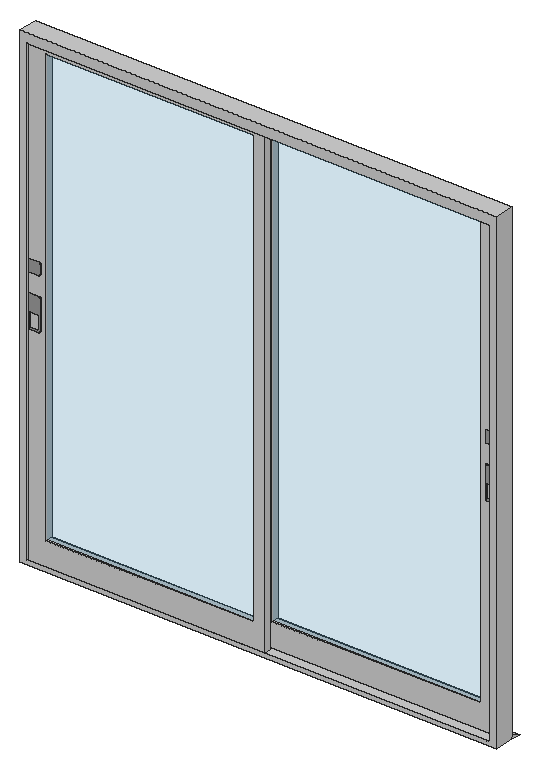
Revit family "Door-Slider-Fleetwood-3070-XX", category Doors, host Wall, Revit 2013
Parameters (values of type "Archetype Hardware")
  Wall_Thickness [instance] = 1' - 0"
  URL = "www.fleetwoodusa.com"
  Thickness = 0' 1 29/32" * Number_Of_Tracks  # 0' - 3 13/16"
  Rough Width = Width + 0' 0 1/2"  # 8' - 0 1/2"
  Rough Height = Height + 0' 0 1/4"  # 8' - 0 1/4"
  Panel_Height [instance] = Height - 0' 1 17/32"  # 7' - 10 15/32"
  Panel_2_Configuration = 3070_EX_Panel : Active Lead Panel Left Archetype
  Panel_2 = Width - Centerline_Calc + 0' 0 17/256"  # 4' - 0 17/256"
  Panel_1_Configuration = 3070_EX_Panel : Active Lead Panel Left Archetype
  Panel_1 = Centerline_Calc + 0' 0 17/256"  # 4' - 0 17/256"
  Number_Of_Tracks = 2  # constant formula
  Model = "3070"
  Manufacturer = "Fleetwood Windows and Doors"
  Interior Wrap Overhang = 0' - 0 1/2"
  Hardware = Stainless Steel, Brushed
  Glazing = Glass
  Frame_&_Panel = Aluminum, Anodized Clear
  Equal_Centerlines = if(Centerline_1 < 0' 6", 1 < 2, 1 > 2)  # yes
  Centerline_Calc = if(Centerline_1 < 0' 6", Width / 2, Centerline_1)  # 4' - 0"
  Centerline_1 = 0' - 0"
  Exterior Wrap Overhang = 0' - 0 1/2"
  Frame_Set_Back [instance] = (Wall_Thickness - Thickness) / 2  # 0' - 4 3/32"
  Function = Exterior
  Height = 8' - 0"
  Wall Closure = By host
  Width = 8' - 0"
  Configuration = "XX"
  Analytic Construction = "<None>"
  Actuator_Height = 4' - 5 3/4"
Types (2): name | Panel_2_Configuration | Panel_1_Configuration | Actuator_Height
  Archetype Narrow Hardware | 3070_EX_Panel : Active Lead Panel Right Archetype Narrow | 3070_EX_Panel : Active Lead Panel Right Archetype Narrow | 3' - 10"
  Archetype Hardware | 3070_EX_Panel : Active Lead Panel Left Archetype | 3070_EX_Panel : Active Lead Panel Left Archetype | 4' - 5 3/4"
Reference planes (in)
  plane 1 "Center (Front/Back)": y = 0
  plane 2 "Center (Left/Right)": x = 0
  plane 3 "Left": x = -48.25
  plane 4 "Right": x = 48.25
  plane 5 "Top": z = 96.25
  plane 6 "Exterior": y = 6
  plane 7 "Interior": y = -6
  plane 8 "Exterior Wrap Depth": y = 1.90625
  plane 9 "Interior Wrap Depth": y = -1.90625
  plane 10 "Right Frame": x = 48
  plane 11 "Left Frame": x = -48
  plane 12 "Exerier Wrap Left": x = -47.75
  plane 13 "Exterior Wrap Right": x = 47.5
  plane 14 "Exterior Wrap Top": z = 95.75
  plane 15 "Interior Wrap Left": x = -47.75
  plane 16 "Interior Wrap Right": x = 47.75
  plane 17 "Interior Wrap Top": z = 95.75
  plane 18 "Frame Top": z = 96
  plane 19 "Vent Height": z = 93.96094
  plane 20: x = -47.0275
  plane 21: x = 47.0275
  plane 22: z = 0.302
  plane 23: y = -0.95225
  plane 24: y = 0.954
  plane 25: y = 9
Forms (in)
  Extrusion 1, void
    sketch origin (0, 0, 0) x (1, 0, 0) y (0, 1, 0)
      loop
        line (-47.75, 6) -> (-47.75, 1.90625) -> (47.5, 1.90625) -> (47.5, 6) -> (-47.75, 6)
    from 0 to 95.75
  Extrusion 2, void
    sketch origin (0, 0, 0) x (1, 0, 0) y (0, 1, 0)
      loop
        line (-48.25, 1.90625) -> (-48.25, -1.90625) -> (48.25, -1.90625) -> (48.25, 1.90625) -> (-48.25, 1.90625)
    from 0 to 96.25
  Extrusion 3, void
    sketch origin (0, 0, 0) x (1, 0, 0) y (0, 1, 0)
      loop
        line (-47.75, -1.90625) -> (-47.75, -6) -> (47.75, -6) -> (47.75, -1.90625) -> (-47.75, -1.90625)
    from 0 to 95.75
Lines and regions (in)
  symbolic lines
    curve 1: line (-47.0275, 9, 0) -> (-35.0275, 9, 0)
    curve 2: line (-39.0275, 7, 0) -> (-35.0275, 9, 0)
    curve 3: line (-39.0275, 11, 0) -> (-35.0275, 9, 0)
    curve 7: line (47.0275, 9, 0) -> (35.0275, 9, 0)
    curve 8: line (39.0275, 7, 0) -> (35.0275, 9, 0)
    curve 9: line (39.0275, 11, 0) -> (35.0275, 9, 0)
  symbolic lines, not visible
    curve 4: line (-41.80247, 12.37674, 0) -> (-29.80247, 12.37674, 0)
    curve 5: line (-33.80247, 10.37674, 0) -> (-29.80247, 12.37674, 0)
    curve 6: line (-33.80247, 14.37674, 0) -> (-29.80247, 12.37674, 0)
Text (in)
  text "Exterior" at (-74.96733, 27.31104, 0), in view "Ref. Level"
  text "Interior" at (-74.96733, -25.14366, 0), in view "Ref. Level"
  text "Exterior" at (0, 40.15149, 123.01588), in view "Right"
  text "Interior" at (0, -64.39139, 123.01588), in view "Right"
  text "Interior" at (0, -31.01599, 123.00693), in view "Left"
  text "Exterior" at (0, 54.57065, 123.00693), in view "Left"
Dimensions and locks (in)
  equal spacing: plane 3 "Left", plane 2 "Center (Left/Right)", plane 4 "Right"
  plane 3 "Left" to plane 4 "Right" = 8' - 0 1/2"
  "Frame_Set_Back": plane 8 "Exterior Wrap Depth" to plane 6 "Exterior"
  "Exterior Wrap Overhang": plane 13 "Exterior Wrap Right" to plane 10 "Right Frame"
  "Exterior Wrap Overhang": plane 3 "Left" to plane 12 "Exerier Wrap Left"
  "Thickness": plane 8 "Exterior Wrap Depth" to plane 9 "Interior Wrap Depth"
  "Exterior Wrap Overhang": plane 14 "Exterior Wrap Top" to plane 5 "Top"
  "Interior Wrap Overhang": plane 3 "Left" to plane 15 "Interior Wrap Left"
  "Interior Wrap Overhang": plane 16 "Interior Wrap Right" to plane 4 "Right"
  "Interior Wrap Overhang": plane 17 "Interior Wrap Top" to plane 5 "Top"
  "Rough Height": level to plane 5 "Top"
  "Rough Width": plane 3 "Left" to plane 4 "Right"
  "Width": plane 11 "Left Frame" to plane 10 "Right Frame"
  "Height": level to plane 18 "Frame Top"
  equal spacing: plane 11 "Left Frame", plane 2 "Center (Left/Right)", plane 10 "Right Frame"
  locked: plane 19 "Vent Height" to plane 18 "Frame Top" at 2.03906
  plane 6 "Exterior" to curve 1 = 0' - 3"
  "Wall_Thickness": host wall to host wall
  plane 11 "Left Frame" to plane 20 = 0' - 0.9725"
  locked: plane 21 to plane 10 "Right Frame" at 0.9725
  locked: level to plane 22 at 0.302
  locked: plane 23 to plane 9 "Interior Wrap Depth" at 0.954
  locked: plane 24 to plane 9 "Interior Wrap Depth" at 2.86025
  aligned and locked: plane 6 "Exterior" to host wall
  aligned and locked: plane 7 "Interior" to host wall
  aligned and locked: Extrusion 1 sketch curve to plane 8 "Exterior Wrap Depth"
  aligned and locked: plane 6 "Exterior" to Extrusion 1 sketch curve
  aligned and locked: plane 12 "Exerier Wrap Left" to Extrusion 1 sketch curve
  aligned and locked: plane 13 "Exterior Wrap Right" to Extrusion 1 sketch curve
  aligned and locked: Extrusion 1 to plane 14 "Exterior Wrap Top"
  aligned and locked: plane 4 "Right" to Extrusion 2 sketch curve
  aligned and locked: plane 8 "Exterior Wrap Depth" to Extrusion 2 sketch curve
  aligned and locked: plane 9 "Interior Wrap Depth" to Extrusion 2 sketch curve
  aligned and locked: Extrusion 2 sketch curve to plane 3 "Left"
  aligned and locked: Extrusion 2 to plane 5 "Top"
  aligned and locked: Extrusion 3 sketch curve to plane 15 "Interior Wrap Left"
  aligned and locked: plane 16 "Interior Wrap Right" to Extrusion 3 sketch curve
  aligned and locked: Extrusion 3 sketch curve to plane 9 "Interior Wrap Depth"
  aligned and locked: Extrusion 3 sketch curve to plane 7 "Interior"
  aligned and locked: Extrusion 3 to plane 17 "Interior Wrap Top"
  aligned and locked: plane 2 "Center (Left/Right)" to nested 1
  aligned and locked: nested 1 to plane 9 "Interior Wrap Depth"
  aligned and locked: plane 20 to nested 2
  aligned and locked: plane 23 to nested 2
  aligned and locked: plane 22 to nested 3
  aligned and locked: nested 3 to plane 24
  aligned and locked: plane 21 to nested 3
  aligned and locked: plane 25 to curve 1
  aligned and locked: plane 20 to curve 1
  aligned and locked: curve 7 to plane 25
  aligned and locked: plane 21 to curve 7
Nested families (in)
  nested 1: "3070-EX_Frame" at (0, 0, 0), Number_Of_Tracks <- "Number_Of_Tracks", Net Frame Width <- "Width", Net Frame Height <- "Height", Frame Finish <- "Frame_&_Panel", type "3070-EX_Frame"
    with Track Width 0' - 3 13/16", Sill_Riser yes, Number_Of_Tracks 2, Net Frame Width 8' - 0", Net Frame Height 8' - 0", Frame Finish Aluminum, Anodized Clear
  nested 2: "3070_EX_Panel" at (-23.0275, -0.95225, 0.302) x (-1, 0, 0) z (0, 0, 1), type <- "Panel_2_Configuration", Panel_Width <- "Panel_2", Panel_Height <- "Panel_Height", Glazing_Material <- "Glazing", Hardware_Finish <- "Hardware", Panel_Finish <- "Frame_&_Panel", Actuator_Height <- "Actuator_Height", type "Active Lead Panel Left Archetype"
    with Panel_Width 4' - 0 17/256", Panel_Height 7' - 10 15/32", Panel_Finish Aluminum, Anodized Clear, Hardware_Finish Stainless Steel, Brushed, Glazing_Material Glass, Glass_Width 3' - 6.02339", Actuator_Height 4' - 5 3/4"
  nested 3: "3070_EX_Panel" at (23.0275, 0.954, 0.302), type <- "Panel_1_Configuration", Panel_Width <- "Panel_1", Panel_Finish <- "Frame_&_Panel", Hardware_Finish <- "Hardware", Glazing_Material <- "Glazing", Panel_Height <- "Panel_Height", Actuator_Height <- "Actuator_Height", type "Active Lead Panel Left Archetype"
    with Panel_Width 4' - 0 17/256", Panel_Height 7' - 10 15/32", Panel_Finish Aluminum, Anodized Clear, Hardware_Finish Stainless Steel, Brushed, Glazing_Material Glass, Glass_Width 3' - 6.02339", Actuator_Height 4' - 5 3/4"
Definition of nested family "3070-EX_Frame"
  Parameters (values of type "3070-EX_Frame")
    Track Width [instance] = 0' 1 29/32" * Number_Of_Tracks  # 0' - 3 13/16"
    Sill_Riser [instance] = yes
    Number_Of_Tracks [instance] = 2
    Net Frame Width [instance] = 8' - 0"
    Net Frame Height [instance] = 8' - 0"
    Manufacturer = "Fleetwoo Windows And Doors"
    Frame Finish [instance] = Aluminum, Anodized Silver
    Default Elevation = 4' - 0"
  Reference planes (in)
    plane 1 "Center (Front/Back)": y = 0
    plane 2: z = 0
    plane 3 "Center (Left/Right)": x = 0
    plane 4: x = -48
    plane 5: x = 48
    plane 6: y = 1.90625
    plane 7: y = -1.90625
    plane 8: x = 46.65625
    plane 9: x = -46.65625
    plane 10: z = 0.71094
    plane 11: z = 96
    plane 12: z = 94.07422
    plane 13: y = 3.8125
  Forms (in)
    Extrusion 1, solid
      sketch origin (0, 0, 0) x (1, 0, 0) y (0, 1, 0)
        loop
          line (-48, 48) -> (-48, -48) -> (48, -48) -> (48, 48) -> (-48, 48)
      from 0 to -12
    Extrusion 2, solid, material "Aluminum, Anodized Silver" <- "Frame Finish"
      sketch origin (0, 0, 0) x (1, 0, 0) y (0, 0, 1)
        loop
          line (-48, 96) -> (-48, 0) -> (48, 0) -> (48, 96) -> (-48, 96)
        loop
          line (46.65625, 94.07422) -> (-46.65625, 94.07422) -> (-46.65625, 0.71094) -> (46.65625, 0.71094) -> (46.65625, 94.07422)
      from -1.90625 to 1.90625
    Extrusion 3, solid, material "Aluminum, Anodized Silver" <- "Frame Finish", visible <- "Sill_Riser"
      sketch origin (0, 0, 0) x (0, -1, 0) y (0, 0, -1)
        loop
          line (-1.90625, -0.71094) -> (-1.90625, 0) -> (-3.81425, 0) -> (-1.90625, -0.71094)
      from -48 to 48
  Lines and regions (in)
    Masking region 1
      outline origin (0, 0, 0) x (1, 0, 0) y (0, 1, 0)
        loop
          line (48, 1.90625) -> (-48, 1.90625) -> (-48, -1.90625) -> (48, -1.90625) -> (48, 1.90625)
    Masking region 2, visible <- "Sill_Riser"
      outline origin (0, 0, 0) x (1, 0, 0) y (0, 1, 0)
        loop
          line (48, 1.90625) -> (48, 3.8125) -> (-48, 3.8125) -> (-48, 1.90625) -> (48, 1.90625)
    symbolic lines
      curve 1: line (-46.65625, 1.90625, 0) -> (-46.65625, -1.90625, 0)
      curve 2: line (46.65625, 1.90625, 0) -> (46.65625, -1.90625, 0)
  Dimensions and locks (in)
    equal spacing: plane 4, plane 3 "Center (Left/Right)", plane 5
    "Net Frame Width": plane 4 to plane 5
    "Track Width": plane 7 to plane 6
    equal spacing: plane 7, plane 1 "Center (Front/Back)", plane 6
    locked: plane 8 to plane 5 at 1.34375
    locked: plane 4 to plane 9 at 1.34375
    locked: plane 10 to level at 0.71094
    "Net Frame Height": plane 11 to level
    locked: plane 11 to plane 12 at 1.92578
    locked: plane 6 to plane 13 at 1.90625
    aligned and locked: plane 2 to Extrusion 1
    aligned and locked: level to Extrusion 1
    aligned and locked: Extrusion 2 sketch curve to plane 11
    aligned and locked: plane 4 to Extrusion 2 sketch curve
    aligned and locked: Extrusion 2 sketch curve to plane 5
    aligned and locked: plane 2 to Extrusion 2 sketch curve
    aligned and locked: Extrusion 2 sketch curve to plane 9
    aligned and locked: Extrusion 2 sketch curve to plane 10
    aligned and locked: plane 8 to Extrusion 2 sketch curve
    aligned and locked: plane 12 to Extrusion 2 sketch curve
    aligned and locked: Extrusion 2 to plane 6
    aligned and locked: plane 7 to Extrusion 2
    aligned and locked: plane 10 to Extrusion 3
    aligned and locked: plane 6 to Extrusion 3
    aligned and locked: Extrusion 3 to Extrusion 1
    aligned and locked: Extrusion 1 to Extrusion 3
    aligned and locked: plane 5 to Extrusion 3
    aligned and locked: Extrusion 3 to plane 4
    aligned and locked: Masking region 1 sketch curve to plane 4
    aligned and locked: plane 7 to Masking region 1 sketch curve
    aligned and locked: Masking region 1 sketch curve to plane 6
    aligned and locked: plane 5 to Masking region 1 sketch curve
    aligned and locked: plane 4 to Masking region 2 sketch curve
    aligned and locked: plane 13 to Masking region 2 sketch curve
    aligned and locked: Masking region 2 sketch curve to plane 6
    aligned and locked: Masking region 2 sketch curve to plane 5
    aligned and locked: plane 6 to curve 1
    aligned and locked: plane 7 to curve 1
    aligned and locked: curve 1 to plane 9
    aligned and locked: plane 6 to curve 2
    aligned and locked: plane 7 to curve 2
    aligned and locked: curve 2 to plane 8
  Automatic sketch dimensions
    Extrusion 1 sketch curve to Extrusion 1 sketch curve = 8' - 0"  (x2)
    Extrusion 3 sketch curve to level = 0' - 0"
    Extrusion 3 sketch curve to plane 6 = 0' - 0"
    Extrusion 3 sketch curve to plane 10 = 0' - 0"
    Extrusion 3 sketch curve to plane 13 = 0' - 0.00175"
Definition of nested family "3070_EX_Panel"
  Parameters (values of type "Fixed Panel Archetype Narrow Stile")
    Top_Rail = if(Bottom_Rail_As_Top, 0' 5 19/128", 0' 1 59/128")  # 0' - 1 59/128"
    Stile_Condition = 2
    Sightline_Extender_Condition = 0
    Right_Stile = if(or(Archetype_Stile, Archetype_Inactive_Panel), 0' 3.9688", if(or(Archetype_Narrow_Inactive_Panel, Archetype_Narrow_Stile), 0' 2.9102", if(Narrow_Fixed_Stile, 0' 1.0195", 0' 2 19/256")))  # 0' - 2.9102"
    Panel_Width [instance] = 4' - 0"
    Panel_Height [instance] = 7' - 0"
    Panel_Finish [instance] = none
    Narrow_Fixed_Stile = Stile_Condition = 3  # no
    Model = ""
    Manufacturer = "Fleetwood Windows And Doors"
    Left_Stile = if([1_Sightline_Extender], 0' 3 19/256", if([2.5_Sightline_Extender], 0' 4 147/256", if([3.5_Sightline_Extender], 0' 5 147/256", 0' 2 19/256")))  # 0' - 2 19/256"
    Hardware_Finish [instance] = none
    Glass_Width [instance] = Panel_Width - (Right_Stile + Left_Stile)  # 3' - 7.01558"
    Double_Arrow = no
    Arrow = no
    Archetype_Narrow_Inactive_Panel = Stile_Condition = 9  # no
    Archetype_Narrow_Hardware_L = Stile_Condition = 7  # no
    Archetype_Narrow_Hardware = no
    Archetype_Inactive_Panel = Stile_Condition = 8  # no
    Archetype_Flush_Pulls = no
    Glazing_Material [instance] = none
    Glass_Thickness = 0' - 1"
    Description = ""
    Bottom_Rail_As_Top = no
    Bottom_Rail = 0' - 5 19/128"  # constant formula
    Archetype_Narrow_Stile = or(Stile_Condition = 2, Stile_Condition = 6, Stile_Condition = 7, Stile_Condition = 9)  # yes
    Archetype_Stile = or(Stile_Condition = 1, Stile_Condition = 4, Stile_Condition = 5, Stile_Condition = 8)  # no
    Archetype_Narrow_Hardware_R = Stile_Condition = 6  # no
    Archetype_Hardware_Right = Stile_Condition = 5  # no
    Archetype_Hardware_Left = Stile_Condition = 4  # no
    Archetype_Actuator = or(Archetype_Hardware_Right, Archetype_Hardware_Left)  # no
    Actuator_Height [instance] = 4' - 5 3/4"
    3.5_Sightline_Extender = Sightline_Extender_Condition = 3  # no
    2.5_Sightline_Extender = Sightline_Extender_Condition = 2  # no
    1_Sightline_Extender = Sightline_Extender_Condition = 1  # no
  Types (13): name | Stile_Condition | Sightline_Extender_Condition | Right_Stile | Narrow_Fixed_Stile | Left_Stile | Glass_Width | Double_Arrow | Arrow | Archetype_Narrow_Inactive_Panel | Archetype_Narrow_Hardware_L | Archetype_Narrow_Hardware | Archetype_Inactive_Panel | Archetype_Flush_Pulls | Description | Archetype_Narrow_Stile | Archetype_Stile | Archetype_Narrow_Hardware_R | Archetype_Hardware_Right | Archetype_Hardware_Left | Archetype_Actuator | Actuator_Height | 3.5_Sightline_Extender | 2.5_Sightline_Extender | 1_Sightline_Extender
    Sliding Panel  Interlock and Interlock | 0 | 0 | 0' - 2 19/256" | no | 0' - 2 19/256" | 3' - 7 109/128" | yes | yes | no | no | no | no | no | "" | no | no | no | no | no | no | 4' - 5 3/4" | no | no | no
    Pocket Panel 1" Sightline Extender | 0 | 1 | 0' - 2 19/256" | no | 0' - 3 19/256" | 3' - 6 109/128" | no | yes | no | no | no | no | no | "" | no | no | no | no | no | no | 4' - 5 3/4" | no | no | yes
    Pocket Panel 2.5" Sightline Extender | 0 | 2 | 0' - 2 19/256" | no | 0' - 4 147/256" | 3' - 5 45/128" | no | yes | no | no | no | no | no | "" | no | no | no | no | no | no | 4' - 5 3/4" | no | yes | no
    Pocket Panel 3.5" Sightline Extender | 0 | 3 | 0' - 2 19/256" | no | 0' - 5 147/256" | 3' - 4 45/128" | no | yes | no | no | no | no | no | "" | no | no | no | no | no | no | 4' - 5 3/4" | yes | no | no
    Active Lead Panel Right Archetype | 5 | 0 | 0' - 3.9688" | no | 0' - 2 19/256" | 3' - 5.95698" | no | yes | no | no | no | no | yes | "Fleetwood Sliding Door Panel" | no | yes | no | yes | no | yes | 4' - 5 15/16" | no | no | no
    Active Lead Panel Right Archetype Narrow | 6 | 0 | 0' - 2.9102" | no | 0' - 2 19/256" | 3' - 7.01558" | no | yes | no | no | yes | no | no | "" | yes | no | yes | no | no | no | 4' - 5 3/4" | no | no | no
    Fixed Panel Narrow Fixed Stile | 3 | 0 | 0' - 1.0195" | yes | 0' - 2 19/256" | 3' - 8.90628" | no | no | no | no | no | no | no | "" | no | no | no | no | no | no | 4' - 5 3/4" | no | no | no
    Fixed Panel Archetype Narrow Stile | 2 | 0 | 0' - 2.9102" | no | 0' - 2 19/256" | 3' - 7.01558" | no | no | no | no | no | no | no | "" | yes | no | no | no | no | no | 4' - 5 3/4" | no | no | no
    Fixed Panel Archetype Stile | 1 | 0 | 0' - 3.9688" | no | 0' - 2 19/256" | 3' - 5.95698" | no | no | no | no | no | no | no | "" | no | yes | no | no | no | no | 4' - 5 3/4" | no | no | no
    Active Lead Panel Left Archetype | 4 | 0 | 0' - 3.9688" | no | 0' - 2 19/256" | 3' - 5.95698" | no | yes | no | no | no | no | yes | "" | no | yes | no | no | yes | yes | 4' - 5 15/16" | no | no | no
    Active Lead Panel Left Archetype Narrow | 7 | 0 | 0' - 2.9102" | no | 0' - 2 19/256" | 3' - 7.01558" | no | yes | no | yes | yes | no | no | "" | yes | no | no | no | no | no | 4' - 5 3/4" | no | no | no
    Archetype_Inactive_Panel | 8 | 0 | 0' - 3.9688" | no | 0' - 2 19/256" | 3' - 5.95698" | no | yes | no | no | no | yes | no | "" | no | yes | no | no | no | no | 4' - 5 3/4" | no | no | no
    Archetype_Narrow_Inactive_Panel | 9 | 0 | 0' - 2.9102" | no | 0' - 2 19/256" | 3' - 7.01558" | no | yes | yes | no | yes | no | no | "" | yes | no | no | no | no | no | 4' - 5 3/4" | no | no | no
  Reference planes (in)
    plane 1 "Center (Front/Back)": y = 0
    plane 2: z = 0
    plane 3 "Center (Left/Right)": x = 0
    plane 4: y = -0.71484
    plane 5: y = 0.71484
    plane 6: x = -24
    plane 7: x = 24
    plane 8: z = 84
    plane 9: z = 5.14844
    plane 10: z = 82.53906
    plane 11: x = 21.0898
    plane 12: x = -21.92578
    plane 13: y = 0.5
    plane 14: y = -0.5
    plane 15: z = 53.75
    plane 16: x = 22.22656
    plane 17: y = 0
    plane 18: x = 22.74609
    plane 19: x = -22.96289
    plane 20: z = 42
    plane 21: x = -6
    plane 22: x = 6
    plane 23: x = -2
    plane 24: x = 2
  Forms (in)
    Extrusion 1, solid, material <- "Panel_Finish"
      sketch origin (0, 0, 0) x (1, 0, 0) y (0, 0, 1)
        loop
          line (24, 84) -> (-24, 84) -> (-24, 0) -> (24, 0) -> (24, 84)
        loop
          line (-21.92578, 5.14844) -> (21.0898, 5.14844) -> (21.0898, 82.53906) -> (-21.92578, 82.53906) -> (-21.92578, 5.14844)
      from -0.71484 to 0.71484
    Extrusion 2, solid, material <- "Glazing_Material"
      sketch origin (0, 0, 0) x (1, 0, 0) y (0, 0, 1)
        loop
          line (-21.92578, 82.53906) -> (-21.92578, 5.14844) -> (21.0898, 5.14844) -> (21.0898, 82.53906) -> (-21.92578, 82.53906)
      from -0.5 to 0.5
  Lines and regions (in)
    Masking region 1
      outline origin (0, 0, 0) x (1, 0, 0) y (0, 1, 0)
        loop
          line (-24, 0.71484) -> (-24, -0.71484) -> (24, -0.71484) -> (24, 0.71484) -> (-24, 0.71484)
    symbolic lines, visible <- "Arrow"
      curve 1: line (6, -0.71484, 42) -> (-6, -0.71484, 42)
      curve 2: line (-2, -0.71484, 40) -> (-6, -0.71484, 42)
      curve 3: line (-2, -0.71484, 44) -> (-6, -0.71484, 42)
    symbolic lines, visible <- "Double_Arrow"
      curve 4: line (2, -0.71484, 40) -> (6, -0.71484, 42)
      curve 5: line (2, -0.71484, 44) -> (6, -0.71484, 42)
  Dimensions and locks (in)
    equal spacing: plane 4, plane 1 "Center (Front/Back)", plane 5
    locked: plane 4 to plane 5 at 1.42969
    equal spacing: plane 6, plane 3 "Center (Left/Right)", plane 7
    "Panel_Width": plane 6 to plane 7
    "Panel_Height": plane 8 to plane 2
    "Bottom_Rail": plane 9 to level
    "Right_Stile": plane 7 to plane 11
    "Left_Stile": plane 12 to plane 6
    "Top_Rail": plane 8 to plane 10
    equal spacing: plane 14, plane 1 "Center (Front/Back)", plane 13
    "Glass_Thickness": plane 14 to plane 13
    "Actuator_Height": plane 15 to level
    locked: plane 7 to plane 16 at 1.77344
    locked: plane 18 to plane 7 at 1.25391
    locked: plane 6 to plane 19 at 1.03711
    equal spacing: plane 8, plane 20, level
    plane 22 to plane 3 "Center (Left/Right)" to plane 21 = 0' - 6" locked, 0' - 6" locked
    locked: plane 23 to plane 21 at 4
    locked: plane 22 to plane 24 at 4
    curve 3 to plane 20 to curve 2 = 0' - 2" locked, 0' - 2" locked
    locked: plane 15 to nested 1 at 5
    aligned and locked: plane 2 to level
    aligned and locked: plane 8 to Extrusion 1 sketch curve
    aligned and locked: plane 7 to Extrusion 1 sketch curve
    aligned and locked: Extrusion 1 sketch curve to plane 2
    aligned and locked: Extrusion 1 sketch curve to plane 6
    aligned and locked: Extrusion 1 sketch curve to plane 12
    aligned and locked: plane 10 to Extrusion 1 sketch curve
    aligned and locked: plane 11 to Extrusion 1 sketch curve
    aligned and locked: Extrusion 1 sketch curve to plane 9
    aligned and locked: Extrusion 1 to plane 5
    aligned and locked: plane 4 to Extrusion 1
    aligned and locked: Extrusion 2 sketch curve to plane 10
    aligned and locked: plane 12 to Extrusion 2 sketch curve
    aligned and locked: plane 9 to Extrusion 2 sketch curve
    aligned and locked: Extrusion 2 sketch curve to plane 11
    aligned and locked: Extrusion 2 to plane 13
    aligned and locked: plane 14 to Extrusion 2
    aligned and locked: plane 1 "Center (Front/Back)" to nested 1
    aligned and locked: plane 16 to nested 1
    aligned and locked: plane 15 to nested 2
    aligned and locked: plane 18 to nested 2
    aligned and locked: plane 1 "Center (Front/Back)" to nested 2
    aligned and locked: plane 5 to Masking region 1 sketch curve
    aligned and locked: plane 6 to Masking region 1 sketch curve
    aligned and locked: Masking region 1 sketch curve to plane 4
    aligned and locked: Masking region 1 sketch curve to plane 7
    aligned and locked: plane 21 to curve 2
    aligned and locked: curve 1 to curve 2
    aligned and locked: plane 20 to curve 1
    aligned and locked: plane 24 to curve 5
    aligned and locked: plane 24 to curve 4
    aligned and locked: plane 22 to curve 5
    aligned and locked: nested 3 to plane 15
    aligned and locked: plane 16 to nested 3
    aligned and locked: nested 3 to plane 1 "Center (Front/Back)"
    aligned and locked: nested 4 to plane 1 "Center (Front/Back)"
    aligned and locked: nested 4 to plane 16
  Automatic sketch dimensions
    curve 2 to plane 23 = 0' - 0"
    curve 3 to plane 23 = 0' - 0"
    curve 4 to plane 20 = 0' - 2"
    plane 20 to curve 5 = 0' - 2"
  Nested families (in)
    nested 1: "Archetype_Flush_Pulls" at (22.22656, 0, 42.25), Finish <- "Hardware_Finish", visible <- "Archetype_Flush_Pulls", type "Archetype_Flush_Pulls"
      with Finish none
    nested 2: "Archetype_Narrow_Hardware" at (22.74609, 0, 53.75), Finish <- "Hardware_Finish", Left <- "Archetype_Narrow_Hardware_L", visible <- "Archetype_Narrow_Hardware", Right <- "Archetype_Narrow_Hardware_R", type "Archetype_Narrow_Hardware", detail levels fine
      with Right no, Pulls_Only yes, Left no, Finish none
    nested 3: "Archetype_Actuator" at (22.22656, 0, 53.75) x (1, 0, 0) z (0, -1, 0), Finish <- "Hardware_Finish", visible <- "Archetype_Hardware_Left", type "Archetype_Actuator"
      with Finish none
    nested 4: "Archetype_Actuator" at (22.22656, 0, 53.9375) x (1, 0, 0) z (0, 1, 0), Finish <- "Hardware_Finish", visible <- "Archetype_Hardware_Right", type "Archetype_Actuator"
      with Finish none
  Definition of nested family "Archetype_Flush_Pulls"
    Parameters (values of type "Archetype_Flush_Pulls")
      Finish [instance] = none
    Reference planes (in)
      plane 1 "Center (Front/Back)": y = 0
      plane 2: z = 0
      plane 3 "Center (Left/Right)": x = 0
      plane 4: z = 6.5
      plane 5: z = 0.27344
      plane 6: z = 3.07422
      plane 7: y = -0.80469
      plane 8: y = 0.80469
      plane 9: y = -0.80469
      plane 10: x = 1.1875
      plane 11: x = -1.1875
      plane 12: x = 0.91406
      plane 13: x = -0.91406
      plane 14 "ext": y = -0.80469
      plane 15 "int": y = 0.80469
      plane 16: z = 6.21875
      plane 17: z = 3.35547
    Forms (in)
      Extrusion 1, solid, material <- "Finish", detail levels fine
        sketch origin (0, 0, 0) x (1, 0, 0) y (0, 0, 1)
          loop
            arc (-0.9375, 6.5) -> (-1.11428, 6.42678) -> (-1.1875, 6.25) r 0.25
            line (-1.1875, 6.25) -> (-1.1875, 0.25)
            arc (-1.1875, 0.25) -> (-1.11428, 0.07322) -> (-0.9375, 0) r 0.25
            line (-0.9375, 0) -> (0.9375, 0)
            arc (0.9375, 0) -> (1.11428, 0.07322) -> (1.1875, 0.25) r 0.25
            line (1.1875, 0.25) -> (1.1875, 6.25)
            arc (1.1875, 6.25) -> (1.11428, 6.42678) -> (0.9375, 6.5) r 0.25
            line (0.9375, 6.5) -> (-0.9375, 6.5)
        from -0.80469 to 0.80469
      Extrusion 2, void
        sketch origin (0, -0.80469, 0) x (-1, 0, 0) y (0, 0, 1)
          loop
            line (0.78906, 3.07422) -> (-0.78906, 3.07422)
            arc (-0.78906, 3.07422) -> (-0.87745, 3.03761) -> (-0.91406, 2.94922) r 0.125
            line (-0.91406, 2.94922) -> (-0.91406, 0.39844)
            arc (-0.91406, 0.39844) -> (-0.87745, 0.31005) -> (-0.78906, 0.27344) r 0.125
            line (-0.78906, 0.27344) -> (0.78906, 0.27344)
            arc (0.78906, 0.27344) -> (0.87745, 0.31005) -> (0.91406, 0.39844) r 0.125
            line (0.91406, 0.39844) -> (0.91406, 2.94922)
            arc (0.91406, 2.94922) -> (0.87745, 3.03761) -> (0.78906, 3.07422) r 0.125
        from 0 to 1
      Extrusion 3, void
        sketch origin (0, 0.80469, 0) x (-1, 0, 0) y (0, 0, 1)
          loop
            arc (-0.78906, 6.21875) -> (-0.87745, 6.18214) -> (-0.91406, 6.09375) r 0.125
            line (-0.91406, 6.09375) -> (-0.91406, 3.48047)
            arc (-0.91406, 3.48047) -> (-0.87745, 3.39208) -> (-0.78906, 3.35547) r 0.125
            line (-0.78906, 3.35547) -> (0.78906, 3.35547)
            arc (0.78906, 3.35547) -> (0.87745, 3.39208) -> (0.91406, 3.48047) r 0.125
            line (0.91406, 3.48047) -> (0.91406, 6.09375)
            arc (0.91406, 6.09375) -> (0.87745, 6.18214) -> (0.78906, 6.21875) r 0.125
            line (0.78906, 6.21875) -> (-0.78906, 6.21875)
        from 0 to -1
    Cuts and joins
      Extrusion 2, Extrusion 3 cuts Extrusion 1
    Dimensions and locks (in)
      locked: plane 4 to level at 6.5
      locked: plane 11 to plane 10 at 2.375
      locked: plane 12 to plane 10 at 0.27344
      locked: plane 11 to plane 13 at 0.27344
      locked: plane 6 to plane 5 at 2.80078
      equal spacing: plane 15 "int", plane 1 "Center (Front/Back)", plane 14 "ext"
      locked: plane 15 "int" to plane 14 "ext" at 1.60938
      locked: plane 5 to level at 0.27344
      locked: plane 4 to plane 16 at 0.28125
      locked: plane 17 to plane 6 at 0.28125
      aligned and locked: plane 2 to level
      aligned and locked: Extrusion 2 sketch curve to plane 6
      aligned and locked: plane 12 to Extrusion 2 sketch curve
      aligned and locked: plane 5 to Extrusion 2 sketch curve
      aligned and locked: Extrusion 2 sketch curve to plane 13
      aligned and locked: plane 12 to Extrusion 3 sketch curve
      aligned and locked: Extrusion 3 sketch curve to plane 16
      aligned and locked: Extrusion 3 sketch curve to plane 13
      aligned and locked: plane 17 to Extrusion 3 sketch curve
    Automatic sketch dimensions
      plane 11 to Extrusion 1 sketch curve = 0' - 0"
      Extrusion 1 sketch curve to level = 0' - 0"
      Extrusion 1 sketch curve to plane 4 = 0' - 0"
      plane 10 to Extrusion 1 sketch curve = 0' - 0"
      Extrusion 1 sketch curve to plane 5 = 0' - 0 3/128"
      plane 13 to Extrusion 1 sketch curve = 0' - 0 3/128"
      Extrusion 1 sketch curve to plane 12 = 0' - 0 3/128"  (x2)
      plane 12 to Extrusion 2 sketch curve = 0' - 0 1/8"  (x2)
      Extrusion 2 sketch curve to plane 13 = 0' - 0 1/8"  (x2)
      plane 12 to Extrusion 3 sketch curve = 0' - 0 1/8"  (x2)
      Extrusion 3 sketch curve to plane 13 = 0' - 0 1/8"  (x2)
  Definition of nested family "Archetype_Narrow_Hardware"
    Parameters (values of type "Archetype_Narrow_Hardware")
      Right [instance] = no
      Pulls_Only [instance] = if(or(Right, Left), 1 > 2, 1 < 2)  # yes
      Left [instance] = no
      Finish [instance] = none
    Reference planes (in)
      plane 1 "Center (Front/Back)": y = 0
      plane 2 "Actuator_Height": z = 0
      plane 3 "Center (Left/Right)": x = 0
      plane 4 "ext": y = 0.78906
      plane 5 "int": y = -0.78906
      plane 6: x = -0.6875
      plane 7: x = 0.6875
      plane 8: z = -1.75
      plane 9: z = 2.8125
      plane 10: z = 2.60547
      plane 11: x = 0.48047
      plane 12: x = -0.48047
      plane 13: z = -1.54297
      plane 14: z = 0.1875
      plane 15: z = -0.1875
      plane 16: z = 1.32031
      plane 17: z = 0
    Forms (in)
      Extrusion 1, solid, material <- "Finish", detail levels fine
        sketch origin (0, 0, 0) x (1, 0, 0) y (0, 0, 1)
          loop
            arc (-0.5625, 2.8125) -> (-0.65089, 2.77589) -> (-0.6875, 2.6875) r 0.125
            line (-0.6875, 2.6875) -> (-0.6875, -1.625)
            arc (-0.6875, -1.625) -> (-0.65089, -1.71339) -> (-0.5625, -1.75) r 0.125
            line (-0.5625, -1.75) -> (0.5625, -1.75)
            arc (0.5625, -1.75) -> (0.65089, -1.71339) -> (0.6875, -1.625) r 0.125
            line (0.6875, -1.625) -> (0.6875, 2.6875)
            arc (0.6875, 2.6875) -> (0.65089, 2.77589) -> (0.5625, 2.8125) r 0.125
            line (0.5625, 2.8125) -> (-0.5625, 2.8125)
        from -0.78906 to 0.78906
    Lines and regions (in)
      model lines, detail levels fine
        curve 1: line (0.5625, -0.78906, 2.8125) -> (-0.5625, -0.78906, 2.8125)
        curve 2: arc (0.6875, -0.78906, 2.6875) -> (0.65089, -0.78906, 2.77589) -> (0.5625, -0.78906, 2.8125) r 0.125
        curve 3: line (0.6875, -0.78906, -1.625) -> (0.6875, -0.78906, 2.6875)
        curve 4: arc (0.5625, -0.78906, -1.75) -> (0.65089, -0.78906, -1.71339) -> (0.6875, -0.78906, -1.625) r 0.125
        curve 5: line (-0.5625, -0.78906, -1.75) -> (0.5625, -0.78906, -1.75)
        curve 6: arc (-0.6875, -0.78906, -1.625) -> (-0.65089, -0.78906, -1.71339) -> (-0.5625, -0.78906, -1.75) r 0.125
        curve 7: line (-0.6875, -0.78906, 2.6875) -> (-0.6875, -0.78906, -1.625)
        curve 8: arc (-0.5625, -0.78906, 2.8125) -> (-0.65089, -0.78906, 2.77589) -> (-0.6875, -0.78906, 2.6875) r 0.125
        curve 9: line (-0.38672, -0.78906, 2.60547) -> (0.38672, -0.78906, 2.60547)
        curve 10: line (-0.48047, -0.78906, -1.44922) -> (-0.48047, -0.78906, 2.51172)
        curve 11: line (0.38672, -0.78906, -1.54297) -> (-0.38672, -0.78906, -1.54297)
        curve 12: line (0.48047, -0.78906, 2.51172) -> (0.48047, -0.78906, -1.44922)
        curve 13: arc (-0.48047, -0.78906, 2.51172) -> (-0.45301, -0.78906, 2.57801) -> (-0.38672, -0.78906, 2.60547) r 0.09375
        curve 14: arc (0.38672, -0.78906, 2.60547) -> (0.45301, -0.78906, 2.57801) -> (0.48047, -0.78906, 2.51172) r 0.09375
        curve 15: arc (0.48047, -0.78906, -1.44922) -> (0.45301, -0.78906, -1.51551) -> (0.38672, -0.78906, -1.54297) r 0.09375
        curve 16: arc (-0.38672, -0.78906, -1.54297) -> (-0.45301, -0.78906, -1.51551) -> (-0.48047, -0.78906, -1.44922) r 0.09375
        curve 17: line (0.5625, 0.78906, 2.8125) -> (-0.5625, 0.78906, 2.8125)
        curve 18: arc (0.6875, 0.78906, 2.6875) -> (0.65089, 0.78906, 2.77589) -> (0.5625, 0.78906, 2.8125) r 0.125
        curve 19: line (0.6875, 0.78906, -1.625) -> (0.6875, 0.78906, 2.6875)
        curve 20: arc (0.5625, 0.78906, -1.75) -> (0.65089, 0.78906, -1.71339) -> (0.6875, 0.78906, -1.625) r 0.125
        curve 21: line (-0.5625, 0.78906, -1.75) -> (0.5625, 0.78906, -1.75)
        curve 22: arc (-0.6875, 0.78906, -1.625) -> (-0.65089, 0.78906, -1.71339) -> (-0.5625, 0.78906, -1.75) r 0.125
        curve 23: line (-0.6875, 0.78906, 2.6875) -> (-0.6875, 0.78906, -1.625)
        curve 24: arc (-0.5625, 0.78906, 2.8125) -> (-0.65089, 0.78906, 2.77589) -> (-0.6875, 0.78906, 2.6875) r 0.125
        curve 25: line (-0.38672, 0.78906, 2.60547) -> (0.38672, 0.78906, 2.60547)
        curve 26: line (-0.48047, 0.78906, -1.44922) -> (-0.48047, 0.78906, 2.51172)
        curve 27: line (0.38672, 0.78906, -1.54297) -> (-0.38672, 0.78906, -1.54297)
        curve 28: line (0.48047, 0.78906, 2.51172) -> (0.48047, 0.78906, -1.44922)
        curve 29: arc (-0.48047, 0.78906, 2.51172) -> (-0.45301, 0.78906, 2.57801) -> (-0.38672, 0.78906, 2.60547) r 0.09375
        curve 30: arc (0.38672, 0.78906, 2.60547) -> (0.45301, 0.78906, 2.57801) -> (0.48047, 0.78906, 2.51172) r 0.09375
        curve 31: arc (0.48047, 0.78906, -1.44922) -> (0.45301, 0.78906, -1.51551) -> (0.38672, 0.78906, -1.54297) r 0.09375
        curve 32: arc (-0.38672, 0.78906, -1.54297) -> (-0.45301, 0.78906, -1.51551) -> (-0.48047, 0.78906, -1.44922) r 0.09375
      model lines, visible <- "Left", detail levels fine
        curve 33: line (0.48047, 0.78906, 1.32031) -> (-0.48047, 0.78906, 1.32031)
        curve 34: line (-0.48047, 0.78906, 0.1875) -> (0.48047, 0.78906, 0.1875)
        curve 35: line (0.48047, 0.78906, -0.1875) -> (-0.48047, 0.78906, -0.1875)
      model lines, visible <- "Right", detail levels fine
        curve 36: line (0.48047, -0.78906, 1.32031) -> (-0.48047, -0.78906, 1.32031)
        curve 37: line (-0.48047, -0.78906, 0.1875) -> (0.48047, -0.78906, 0.1875)
        curve 38: line (0.48047, -0.78906, -0.1875) -> (-0.48047, -0.78906, -0.1875)
    Dimensions and locks (in)
      equal spacing: plane 5 "int", plane 1 "Center (Front/Back)", plane 4 "ext"
      plane 5 "int" to plane 4 "ext" = 0' - 1 37/64"
      equal spacing: plane 6, plane 3 "Center (Left/Right)", plane 7
      locked: plane 6 to plane 7 at 1.375
      locked: level to plane 8 at 1.75
      locked: plane 9 to level at 2.8125
      locked: plane 9 to plane 10 at 0.20703
      locked: plane 13 to plane 8 at 0.20703
      locked: plane 7 to plane 11 at 0.20703
      locked: plane 12 to plane 6 at 0.20703
      plane 15 to level to plane 14 to plane 16 = 0' - 0 3/16" locked, 0' - 0 3/16" locked, 0' - 1 17/128" locked
      aligned and locked: plane 2 "Actuator_Height" to level
      aligned and locked: Extrusion 1 sketch curve to plane 9
      aligned and locked: Extrusion 1 sketch curve to plane 7
      aligned and locked: plane 6 to Extrusion 1 sketch curve
      aligned and locked: plane 8 to Extrusion 1 sketch curve
      aligned and locked: plane 5 "int" to Extrusion 1
      aligned and locked: Extrusion 1 to plane 4 "ext"
      aligned and locked: curve 2 to Extrusion 1
      aligned and locked: curve 4 to Extrusion 1
      aligned and locked: curve 6 to Extrusion 1
      aligned and locked: curve 8 to Extrusion 1
      aligned and locked: curve 9 to plane 10
      aligned and locked: curve 12 to plane 11
      aligned and locked: plane 13 to curve 11
      aligned and locked: plane 12 to curve 10
      aligned and locked: plane 10 to curve 25
      aligned and locked: curve 17 to plane 9
      aligned and locked: plane 8 to curve 21
      aligned and locked: curve 27 to plane 13
      aligned and locked: plane 6 to curve 23
      aligned and locked: curve 19 to plane 7
      aligned and locked: plane 11 to curve 33
      aligned and locked: plane 12 to curve 34
      aligned and locked: plane 11 to curve 35
      aligned and locked: plane 12 to curve 35
      aligned and locked: curve 33 to plane 16
      aligned and locked: plane 14 to curve 34
      aligned and locked: curve 35 to plane 15
      aligned and locked: plane 11 to curve 36
      aligned and locked: plane 12 to curve 36
      aligned and locked: plane 15 to curve 38
      aligned and locked: curve 37 to plane 14
      aligned and locked: plane 16 to curve 36
      aligned and locked: plane 2 "Actuator_Height" to plane 17
    Automatic sketch dimensions
      plane 8 to Extrusion 1 sketch curve = 0' - 0 1/8"
      plane 6 to Extrusion 1 sketch curve = 0' - 0 1/8"
      Extrusion 1 sketch curve to plane 7 = 0' - 0 1/8"  (x2)
      curve 21 to plane 12 = 0' - 0 21/256"
      curve 19 to plane 13 = 0' - 0 21/256"
      curve 17 to plane 12 = 0' - 0 21/256"
      plane 12 to curve 25 = 0' - 0 3/32"
      plane 12 to curve 27 = 0' - 0 3/32"
      curve 27 to plane 11 = 0' - 0 3/32"
      curve 25 to plane 11 = 0' - 0 3/32"
      plane 11 to curve 17 = 0' - 0 21/256"
      plane 12 to curve 9 = 0' - 0 3/32"
      plane 13 to curve 12 = 0' - 0 3/32"
      plane 12 to curve 11 = 0' - 0 3/32"
      curve 9 to plane 11 = 0' - 0 3/32"
  Definition of nested family "Archetype_Actuator"
    Parameters (values of type "Archetype_Actuator")
      Finish [instance] = none
    Reference planes (in)
      plane 1 "Center (Front/Back)": y = 0
      plane 2: z = 0
      plane 3 "Center (Left/Right)": x = 0
      plane 4: y = 1.1875
      plane 5: y = -1.1875
      plane 6: x = -1.1875
      plane 7: x = 1.1875
      plane 8: x = 0.91016
      plane 9: x = -0.91016
      plane 10: y = 0.91016
      plane 11: y = -0.91016
    Forms (in)
      Extrusion 1, solid, material <- "Finish"
        sketch origin (0, 0, 0) x (1, 0, 0) y (0, 1, 0)
          loop
            arc (-0.9375, 1.1875) -> (-1.11428, 1.11428) -> (-1.1875, 0.9375) r 0.25
            line (-1.1875, 0.9375) -> (-1.1875, -0.9375)
            arc (-1.1875, -0.9375) -> (-1.11428, -1.11428) -> (-0.9375, -1.1875) r 0.25
            line (-0.9375, -1.1875) -> (0.9375, -1.1875)
            arc (0.9375, -1.1875) -> (1.11428, -1.11428) -> (1.1875, -0.9375) r 0.25
            line (1.1875, -0.9375) -> (1.1875, 0.9375)
            arc (1.1875, 0.9375) -> (1.11428, 1.11428) -> (0.9375, 1.1875) r 0.25
            line (0.9375, 1.1875) -> (-0.9375, 1.1875)
        from 0 to 0.80469
    Dimensions and locks (in)
      aligned and locked: plane 2 to level
